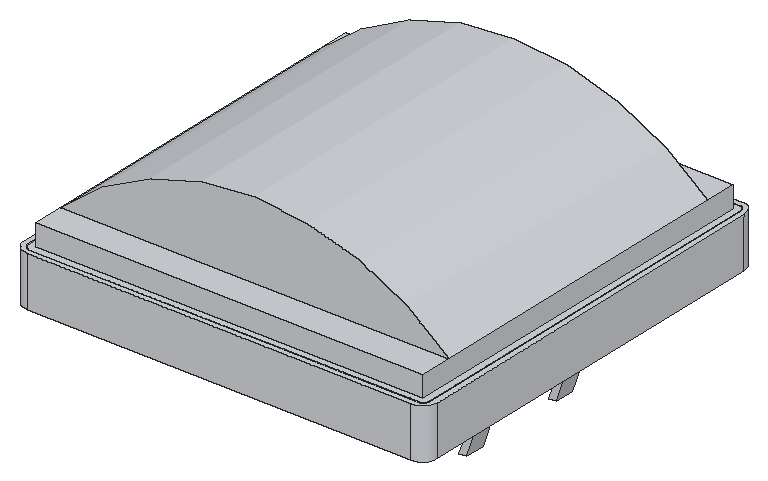
Revit family "Gira_537403", category Electrical Fixtures, host Face, Revit 2017
Family settings
  Host = Face
  Maintain Annotation Orientation = Yes
  Round Connector Dimension = Use Diameter
  Part Type = Normal
  Cut with Voids When Loaded = No
  Shared = No
  Room Calculation Point = No
Parameters (values of type "S3000 motion detec.top 1.10 m Komfort BT System 55 p.white")
  URL = "http://katalog.gira.de/en/datenblatt.html?artikelnr=537403"
  Name = "S3000 motion detec.top 1.10 m Komfort BT System 55 p.white"
  Model = "Movement sensor"
  Manufacturer URL = "https://www.gira.de/"
  Manufacturer = "Gira"
  Keynote = ""
  HeinzeBIM = "https://bimportal.heinze.de/bim/s3000-motion-detec-top-1-10-m-komfort-bt-system-55-p-white/6b37611631122623852094ca7483f9fb4ec682af"
  HAN = "537403"
  GTIN = "4010337048459"
  Description = "S3000 mot.det.top 1.10m Kmf BT Sys55 PW,System 3000 motion detector top unit 1.10 m Komfort BT,System 55,pure white glossy,Features:,- Automatic switching of lighting, depending on the movement of heat and ambient brightness.,- Operation with System 3000 switching or dimming insert or 3-wire auxiliary insert.,- Expansion of the detection range in combination with the 3-wire auxiliary insert.,- When connecting a System 3000 auxiliary insert with an operating top unit or mechanical button to the main unit, the lighting can be switched on or dimmed for the duration of the delay time.,- Device facilitates manual switchover between automatic, always-on and always-off.,With System 3000 switching insert:,- Short-term operation,With System 3000 dimming insert:,- Switch on with the last brightness set, or a saved switch-on brightness.,- The switch-on brightness can only be saved permanently via the System 3000 auxiliary insert with operating top unit.,Functions with the Gira Bluetooth app:,- Set the brightness threshold.,- Individually adjustable sensitivity of the two sensors (0, 25, 50, 75, 100 %).,- Set the delay time.,- Override functions: Automatic mode, permanently on off, time-limited on off for 0.5 to 5 hours.,- Occupied-home simulation.,- Switch-off pre-warning.,- Day mode.,- Walking test.,- Switch on with the last brightness set, or a saved switch-on brightness in combination with a dimming insert.,,Notes :,- The detection range is aligned horizontally and when used outdoors may fail to identify a boundary. When installing outdoors, find an appropriate location or use the 2.20 m motion detector top unit."
  Default Elevation = 1219.2 mm
  Data sheet (1) = "https://katalog.gira.de/en/download.html?artikelnr=537403"
  Category = "Sensor element for movement sensor"
  BIM (1) = "https://media.stage.bim.site/public/gira/36a6b08/Bewegungsmelder_1,10m.rfa"
  Available = "No"
Reference planes
  plane 1 "Center (Front/Back)": y = 0
  plane 2: z = 0
  plane 3 "Center (Left/Right)": x = 0
Forms (mm)
  Extrusion 1, solid, detail levels fine
    sketch origin (0, 0, 0) x (1, 0, 0) y (0, 0, 1)
      loop
        line (-33.025, 12.126) -> (33.025, 12.126)
        arc (33.025, 12.126) -> (0, 25.3) -> (-33.025, 12.126) r 47.982
    from -27.6 to 27.6
  Extrusion 2, solid, detail levels fine
    sketch origin (0, 0, 0) x (1, 0, 0) y (0, 1, 0)
      loop
        line (33.025, 33.025) -> (-33.025, 33.025) -> (-33.025, -33.025) -> (33.025, -33.025) -> (33.025, 33.025)
    from 8.55 to 12.126
  Extrusion 3, solid, detail levels fine
    sketch origin (0, 0, 0) x (1, 0, 0) y (0, 1, 0)
      loop
        spline (-32.7, 35.2) -> (-33.027, 35.179) -> (-33.347, 35.115) -> (-33.657, 35.01) -> (-33.95, 34.865) -> (-34.222, 34.683) -> (-34.468, 34.468) -> (-34.683, 34.222) -> (-34.865, 33.95) -> (-35.01, 33.657) -> (-35.115, 33.347) -> (-35.179, 33.027) -> (-35.2, 32.7)
        line (-35.2, 32.7) -> (-35.2, -32.7)
        spline (-35.2, -32.7) -> (-35.179, -33.027) -> (-35.115, -33.347) -> (-35.01, -33.657) -> (-34.865, -33.95) -> (-34.683, -34.222) -> (-34.468, -34.468) -> (-34.222, -34.683) -> (-33.95, -34.865) -> (-33.657, -35.01) -> (-33.347, -35.115) -> (-33.027, -35.179) -> (-32.7, -35.2)
        line (-32.7, -35.2) -> (32.7, -35.2)
        spline (32.7, -35.2) -> (33.027, -35.179) -> (33.347, -35.115) -> (33.657, -35.01) -> (33.95, -34.865) -> (34.222, -34.683) -> (34.468, -34.468) -> (34.683, -34.222) -> (34.865, -33.95) -> (35.01, -33.657) -> (35.115, -33.347) -> (35.179, -33.027) -> (35.2, -32.7)
        line (35.2, -32.7) -> (35.2, 32.7)
        spline (35.2, 32.7) -> (35.179, 33.027) -> (35.115, 33.347) -> (35.01, 33.657) -> (34.865, 33.95) -> (34.683, 34.222) -> (34.468, 34.468) -> (34.222, 34.683) -> (33.95, 34.865) -> (33.657, 35.01) -> (33.347, 35.115) -> (33.027, 35.179) -> (32.7, 35.2)
        line (32.7, 35.2) -> (-32.7, 35.2)
      loop
        line (-34.2, 33.2) -> (-34.2, -33.2)
        spline (-34.2, -33.2) -> (-34.191, -33.331) -> (-34.166, -33.459) -> (-34.124, -33.583) -> (-34.066, -33.7) -> (-33.993, -33.809) -> (-33.907, -33.907) -> (-33.809, -33.993) -> (-33.7, -34.066) -> (-33.583, -34.124) -> (-33.459, -34.166) -> (-33.331, -34.191) -> (-33.2, -34.2)
        line (-33.2, -34.2) -> (33.2, -34.2)
        spline (33.2, -34.2) -> (33.331, -34.191) -> (33.459, -34.166) -> (33.583, -34.124) -> (33.7, -34.066) -> (33.809, -33.993) -> (33.907, -33.907) -> (33.993, -33.809) -> (34.066, -33.7) -> (34.124, -33.583) -> (34.166, -33.459) -> (34.191, -33.331) -> (34.2, -33.2)
        line (34.2, -33.2) -> (34.2, 33.2)
        spline (34.2, 33.2) -> (34.191, 33.331) -> (34.166, 33.459) -> (34.124, 33.583) -> (34.066, 33.7) -> (33.993, 33.809) -> (33.907, 33.907) -> (33.809, 33.993) -> (33.7, 34.066) -> (33.583, 34.124) -> (33.459, 34.166) -> (33.331, 34.191) -> (33.2, 34.2)
        line (33.2, 34.2) -> (-33.2, 34.2)
        spline (-33.2, 34.2) -> (-33.331, 34.191) -> (-33.459, 34.166) -> (-33.583, 34.124) -> (-33.7, 34.066) -> (-33.809, 33.993) -> (-33.907, 33.907) -> (-33.993, 33.809) -> (-34.066, 33.7) -> (-34.124, 33.583) -> (-34.166, 33.459) -> (-34.191, 33.331) -> (-34.2, 33.2)
    from 0 to 8.55
  Extrusion 4, solid, detail levels fine
    sketch origin (0, 0, 0) x (1, 0, 0) y (0, 1, 0)
      loop
        line (-34.2, 33.2) -> (-34.2, -33.2)
        spline (-34.2, -33.2) -> (-34.191, -33.331) -> (-34.166, -33.459) -> (-34.124, -33.583) -> (-34.066, -33.7) -> (-33.993, -33.809) -> (-33.907, -33.907) -> (-33.809, -33.993) -> (-33.7, -34.066) -> (-33.583, -34.124) -> (-33.459, -34.166) -> (-33.331, -34.191) -> (-33.2, -34.2)
        line (-33.2, -34.2) -> (33.2, -34.2)
        spline (33.2, -34.2) -> (33.331, -34.191) -> (33.459, -34.166) -> (33.583, -34.124) -> (33.7, -34.066) -> (33.809, -33.993) -> (33.907, -33.907) -> (33.993, -33.809) -> (34.066, -33.7) -> (34.124, -33.583) -> (34.166, -33.459) -> (34.191, -33.331) -> (34.2, -33.2)
        line (34.2, -33.2) -> (34.2, 33.2)
        spline (34.2, 33.2) -> (34.191, 33.331) -> (34.166, 33.459) -> (34.124, 33.583) -> (34.066, 33.7) -> (33.993, 33.809) -> (33.907, 33.907) -> (33.809, 33.993) -> (33.7, 34.066) -> (33.583, 34.124) -> (33.459, 34.166) -> (33.331, 34.191) -> (33.2, 34.2)
        line (33.2, 34.2) -> (-33.2, 34.2)
        spline (-33.2, 34.2) -> (-33.331, 34.191) -> (-33.459, 34.166) -> (-33.583, 34.124) -> (-33.7, 34.066) -> (-33.809, 33.993) -> (-33.907, 33.907) -> (-33.993, 33.809) -> (-34.066, 33.7) -> (-34.124, 33.583) -> (-34.166, 33.459) -> (-34.191, 33.331) -> (-34.2, 33.2)
    from 6.175 to 8.55
  Extrusion 5, solid, detail levels fine
    sketch origin (0, 0, 0) x (1, 0, 0) y (0, 1, 0)
      loop
        spline (-27.7, -27.1) -> (-27.696, -27.165) -> (-27.683, -27.229) -> (-27.662, -27.291) -> (-27.633, -27.35) -> (-27.597, -27.404) -> (-27.554, -27.454) -> (-27.504, -27.497) -> (-27.45, -27.533) -> (-27.391, -27.562) -> (-27.329, -27.583) -> (-27.265, -27.596) -> (-27.2, -27.6)
        line (-27.2, -27.6) -> (27.2, -27.6)
        spline (27.2, -27.6) -> (27.265, -27.596) -> (27.329, -27.583) -> (27.391, -27.562) -> (27.45, -27.533) -> (27.504, -27.497) -> (27.554, -27.454) -> (27.597, -27.404) -> (27.633, -27.35) -> (27.662, -27.291) -> (27.683, -27.229) -> (27.696, -27.165) -> (27.7, -27.1)
        line (27.7, -27.1) -> (27.7, 27.1)
        spline (27.7, 27.1) -> (27.696, 27.165) -> (27.683, 27.229) -> (27.662, 27.291) -> (27.633, 27.35) -> (27.597, 27.404) -> (27.554, 27.454) -> (27.504, 27.497) -> (27.45, 27.533) -> (27.391, 27.562) -> (27.329, 27.583) -> (27.265, 27.596) -> (27.2, 27.6)
        line (27.2, 27.6) -> (-27.2, 27.6)
        spline (-27.2, 27.6) -> (-27.265, 27.596) -> (-27.329, 27.583) -> (-27.391, 27.562) -> (-27.45, 27.533) -> (-27.504, 27.497) -> (-27.554, 27.454) -> (-27.597, 27.404) -> (-27.633, 27.35) -> (-27.662, 27.291) -> (-27.683, 27.229) -> (-27.696, 27.165) -> (-27.7, 27.1)
        line (-27.7, 27.1) -> (-27.7, -27.1)
      loop
        line (26.9, 26.8) -> (-26.9, 26.8) -> (-26.9, -26.8) -> (26.9, -26.8) -> (26.9, 26.8)
    from 0 to 6.175
  Extrusion 6, solid, detail levels fine
    sketch origin (0, 0, 0) x (1, 0, 0) y (0, 1, 0)
      loop
        line (-15.4, -23.928) -> (15.4, -23.928)
        arc (15.4, -23.928) -> (21.43, -21.43) -> (23.928, -15.4) r 8.528
        line (23.928, -15.4) -> (23.928, 15.4)
        arc (23.928, 15.4) -> (21.43, 21.43) -> (15.4, 23.928) r 8.528
        line (15.4, 23.928) -> (-15.4, 23.928)
        arc (-15.4, 23.928) -> (-21.43, 21.43) -> (-23.928, 15.4) r 8.528
        line (-23.928, 15.4) -> (-23.928, -15.4)
        arc (-23.928, -15.4) -> (-21.43, -21.43) -> (-15.4, -23.928) r 8.528
    from -0.985 to 1.6
  Extrusion 7, solid, detail levels fine
    sketch origin (0, 0, 0) x (1, 0, 0) y (0, 1, 0)
      loop
        line (-26.35, 18.301) -> (-26.35, -18.801)
        spline (-26.35, -18.801) -> (-26.286, -19.78) -> (-26.095, -20.742) -> (-25.779, -21.671) -> (-25.345, -22.551) -> (-24.8, -23.366) -> (-24.154, -24.104) -> (-23.416, -24.75) -> (-22.601, -25.295) -> (-21.721, -25.729) -> (-20.792, -26.045) -> (-19.83, -26.236) -> (-18.851, -26.3)
        line (-18.851, -26.3) -> (18.851, -26.3)
        spline (18.851, -26.3) -> (19.83, -26.236) -> (20.792, -26.045) -> (21.721, -25.729) -> (22.601, -25.295) -> (23.416, -24.75) -> (24.154, -24.104) -> (24.8, -23.366) -> (25.345, -22.551) -> (25.779, -21.671) -> (26.094, -20.742) -> (26.286, -19.78) -> (26.35, -18.801)
        line (26.35, -18.801) -> (26.35, 18.301)
        spline (26.35, 18.301) -> (26.286, 19.28) -> (26.094, 20.242) -> (25.779, 21.171) -> (25.345, 22.051) -> (24.8, 22.866) -> (24.154, 23.604) -> (23.416, 24.25) -> (22.601, 24.795) -> (21.721, 25.229) -> (20.792, 25.545) -> (19.83, 25.736) -> (18.851, 25.8)
        line (18.851, 25.8) -> (-18.851, 25.8)
        spline (-18.851, 25.8) -> (-19.83, 25.736) -> (-20.792, 25.545) -> (-21.721, 25.229) -> (-22.601, 24.795) -> (-23.416, 24.25) -> (-24.154, 23.604) -> (-24.8, 22.866) -> (-25.345, 22.051) -> (-25.779, 21.171) -> (-26.095, 20.242) -> (-26.286, 19.28) -> (-26.35, 18.301)
    from 1.6 to 6.1
  Extrusion 8, solid, detail levels fine
    sketch origin (0, 0, 0) x (1, 0, 0) y (0, 0, 1)
      loop
        line (-23.048, -13.343) -> (-21.665, -13.513) -> (-24.338, -6.363) -> (-23.36, 1.6) -> (-25.023, 1.6) -> (-24.975, -1.121) -> (-25.39, -6.541) -> (-23.048, -13.343)
      loop
        line (23.048, -13.343) -> (25.39, -6.541) -> (24.975, -1.121) -> (25.023, 1.6) -> (23.36, 1.6) -> (24.338, -6.363) -> (21.665, -13.513) -> (23.048, -13.343)
    from 7.9 to 11.14
  Extrusion 9, solid, detail levels fine
    sketch origin (0, 0, 0) x (1, 0, 0) y (0, 0, -1)
      loop
        line (-23.048, 13.343) -> (-25.39, 6.541) -> (-24.975, 1.121) -> (-25.023, -1.6) -> (-23.36, -1.6) -> (-24.338, 6.363) -> (-21.665, 13.513) -> (-23.048, 13.343)
      loop
        line (23.048, 13.343) -> (21.665, 13.513) -> (24.338, 6.363) -> (23.36, -1.6) -> (25.023, -1.6) -> (24.975, 1.121) -> (25.39, 6.541) -> (23.048, 13.343)
    from 7.9 to 11.14
  Extrusion 10, solid, detail levels fine
    sketch origin (0, 0, 0) x (1, 0, 0) y (0, 1, 0)
      loop
        line (-5.141, 20.681) -> (-5.141, 15.099)
        spline (-5.141, 15.099) -> (-5.133, 14.968) -> (-5.107, 14.84) -> (-5.065, 14.716) -> (-5.007, 14.599) -> (-4.935, 14.49) -> (-4.849, 14.391) -> (-4.75, 14.305) -> (-4.641, 14.233) -> (-4.524, 14.175) -> (-4.4, 14.133) -> (-4.272, 14.107) -> (-4.141, 14.099)
        line (-4.141, 14.099) -> (4.141, 14.099)
        spline (4.141, 14.099) -> (4.272, 14.107) -> (4.4, 14.133) -> (4.524, 14.175) -> (4.641, 14.233) -> (4.75, 14.305) -> (4.849, 14.391) -> (4.935, 14.49) -> (5.007, 14.599) -> (5.065, 14.716) -> (5.107, 14.84) -> (5.133, 14.968) -> (5.141, 15.099)
        line (5.141, 15.099) -> (5.141, 20.681)
        spline (5.141, 20.681) -> (5.133, 20.812) -> (5.107, 20.94) -> (5.065, 21.064) -> (5.007, 21.181) -> (4.935, 21.29) -> (4.849, 21.389) -> (4.75, 21.475) -> (4.641, 21.547) -> (4.524, 21.605) -> (4.4, 21.647) -> (4.272, 21.673) -> (4.141, 21.681)
        line (4.141, 21.681) -> (-4.141, 21.681)
        spline (-4.141, 21.681) -> (-4.272, 21.673) -> (-4.4, 21.647) -> (-4.524, 21.605) -> (-4.641, 21.547) -> (-4.75, 21.475) -> (-4.849, 21.389) -> (-4.935, 21.29) -> (-5.007, 21.181) -> (-5.065, 21.064) -> (-5.107, 20.94) -> (-5.133, 20.812) -> (-5.141, 20.681)
    from -17.3 to -0.985
  Extrusion 11, solid, detail levels medium
    sketch origin (0, 0, 0) x (1, 0, 0) y (0, 1, 0)
      loop
        line (33.025, 33.025) -> (-33.025, 33.025) -> (-33.025, -33.025) -> (33.025, -33.025) -> (33.025, 33.025)
    from 8.55 to 25.3
  Extrusion 12, solid, detail levels medium
    sketch origin (0, 0, 0) x (1, 0, 0) y (0, 1, 0)
      loop
        line (-35.2, 35.2) -> (-35.2, -35.2) -> (35.2, -35.2) -> (35.2, 35.2) -> (-35.2, 35.2)
    from 0 to 8.55
  Extrusion 13, solid, detail levels medium
    sketch origin (0, 0, 0) x (1, 0, 0) y (0, 0, 1)
      loop
        line (-25.023, 1.6) -> (-25.023, -13.1) -> (-21.665, -13.513) -> (-21.665, 1.6) -> (-25.023, 1.6)
      loop
        line (25.023, 1.6) -> (21.665, 1.6) -> (21.665, -13.513) -> (25.023, -13.1) -> (25.023, 1.6)
    from 8 to 11.14
  Extrusion 14, solid, detail levels medium
    sketch origin (0, 0, 0) x (1, 0, 0) y (0, 0, -1)
      loop
        line (-25.023, -1.6) -> (-21.665, -1.6) -> (-21.665, 13.513) -> (-25.023, 13.1) -> (-25.023, -1.6)
      loop
        line (25.023, -1.6) -> (25.023, 13.1) -> (21.665, 13.513) -> (21.665, -1.6) -> (25.023, -1.6)
    from 8 to 11.14
  Extrusion 15, solid, detail levels medium
    sketch origin (0, 0, 0) x (1, 0, 0) y (0, 1, 0)
      loop
        line (-5.141, 21.681) -> (-5.141, 14.099) -> (5.141, 14.099) -> (5.141, 21.681) -> (-5.141, 21.681)
    from -17.3 to -0.985
  Extrusion 16, solid, detail levels coarse
    sketch origin (0, 0, 0) x (1, 0, 0) y (0, 1, 0)
      loop
        line (-35.2, 35.2) -> (-35.2, -35.2) -> (35.2, -35.2) -> (35.2, 35.2) -> (-35.2, 35.2)
    from -17.3 to 25.3
Dimensions and locks
  aligned and locked: plane 2 to host face
  aligned and locked: level to host face
  aligned and locked: nested 1 to plane 3 "Center (Left/Right)"
  aligned and locked: plane 1 "Center (Front/Back)" to nested 1
Nested families
  nested 1: "Belegungssensor - Bewegung - Aufputz - Beschriftung" at (0, 0, 0) x (0, -1, 0) z (0, 0, 1), type "Belegungssensor - Bewegung - Aufputz - Beschriftung"
Connectors
  electrical at (0, 0, -17.3)
    settings: on Extrusion 16, index 1, voltage 220 V, apparent load 0 VA, apparent load phase1 0 VA, apparent load phase2 0 VA, apparent load phase3 0 VA, power factor 1, load classification "Other", number of poles 1, system type 30, power factor state 1, is connector primary yes, connector utility no, sub classification motor no, connector description ""
Definition of nested family "Belegungssensor - Bewegung - Aufputz - Beschriftung"
  Reference planes
    plane 1: y = 0
    plane 2: x = 0
  Lines and regions (mm)
    Filled region 1, type "Gefüllter Bereich 1"
      outline origin (143.425, -20.712, 0) x (1, 0, 0) y (0, 1, 0)
        loop
          line (-148.697, 21.204) -> (-148.697, 20.409) -> (-147.583, 20.807) -> (-148.697, 21.204)
    Filled region 2, type "Gefüllter Bereich 1"
      outline origin (141.808, 30.001, 0) x (0.939693, 0.34202, 0) y (-0.34202, 0.939693, 0)
        loop
          line (-148.694, 21.203) -> (-148.694, 20.41) -> (-147.583, 20.807) -> (-148.694, 21.203)
    Filled region 3, type "Gefüllter Bereich 1"
      outline origin (141.819, -29.825, 0) x (-0.34202, -0.939693, 0) y (0.939693, -0.34202, 0)
        loop
          line (21.204, -148.697) -> (20.807, -147.583) -> (20.409, -148.697) -> (21.204, -148.697)
    detail lines
      curve 1: line (-1.207, 0.095, 0) -> (-3.486, 1.411, 0)
      curve 2: line (-1.207, 0.095, 0) -> (-3.486, -1.221, 0)
      curve 5: arc (-3.252, 1.752, 0) -> (-3.839, 0.095, 0) -> (-3.252, -1.562, 0) r 2.632
      curve 6: line (-6, 3, 0) -> (0, 3, 0)
      curve 7: line (-6, -3, 0) -> (-6, 3, 0)
      curve 8: line (0, -3, 0) -> (-6, -3, 0)
      curve 9: line (0, 3, 0) -> (0, -3, 0)
    reference lines
      curve 3: line (-1.207, 0.095, 0) -> (-3.616, 2.046, 0)
      curve 4: line (-1.207, 0.095, 0) -> (-3.616, -1.856, 0)
  Dimensions and locks
    curve 1 to curve 1 = 2.632 mm
    curve 2 to curve 2 = 2.632 mm
    curve 6 to curve 8 = 6 mm
    curve 7 to curve 9 = 6 mm
    angle curve 1 to curve 2 = 60.00°
    aligned and locked: curve 6 to curve 7
    aligned and locked: curve 9 to curve 9
